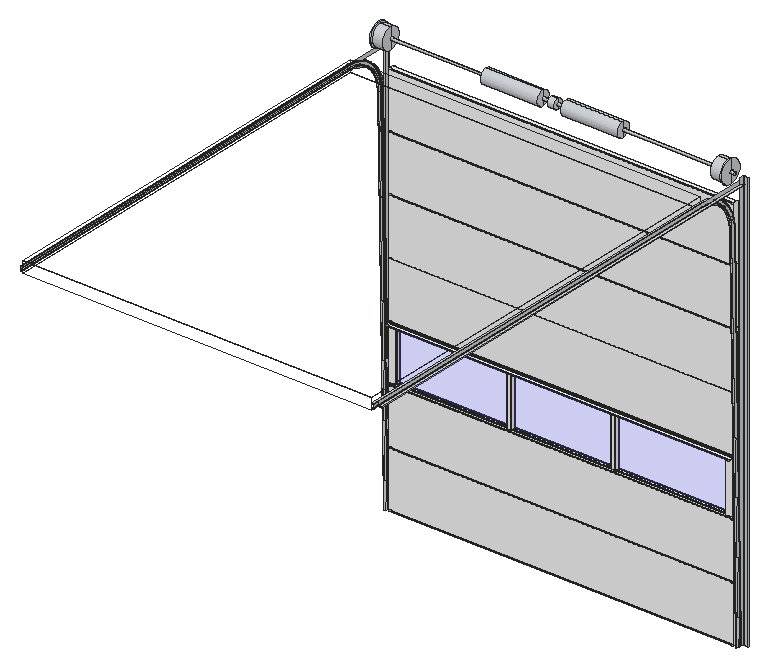
Revit family
Parameters (values of type "By Type")
  Windload = "Doors available rated for various design pressures; consult Clopay for avaialbility and specifications"
  VisSection6 = NumSections = 6  # no
  VisSection5 = NumSections > 4  # yes
  VisSection4 = NumSections > 3  # yes
  VisSection3 = NumSections > 2  # yes
  VisArray = NumSections > 6  # yes
  URL = "www.clopaydoor.com"
  Track Type = Track - Standard Lift : 15" Radius
  Track = "Galvanized steel (gauge varies according to door size)"
  Thickness = 0' - 1 3/8"  # constant formula
  Spec Wizard = "http://www.arcat.com/specwizard/08360clo/index.htm"
  Section Height = Height / NumSections  # 2' - 0"
  Section 5 Glazing = 3200 Section : Solid
  Section 4 Glazing = 3200 Section : Solid
  Section 3 Glazing = Full Vision Section : Intermediate
  Sales Information = "http://www.clopaydoor.com/where-to-buy.aspx?type=dealer"
  Rough Width = 0' - 0"  # constant formula
  Rough Height = 0' - 0"  # constant formula
  Roof Pitch = 0
  R-Value = "6.5"
  Product Features and Benefits = "http://www.clopaydoor.com/insulated-polystyrene-applications.aspx"
  Overlapping Jamb = yes
  Overlap = if(Overlapping Jamb, 0' 1", 0' 0")  # 0' - 1"
  Opening Width = 12' - 0"
  Opening Height = 14' - 0"
  Opener - Jackshaft Right Side = no
  Opener - Trolley = no
  Opener - Jackshaft Left Side = no
  Omniclass Table = "23-30 10 17 37 "
  NumSectionsNotRounded = Height / 2' 0"  # 7
  NumSections = NumSectionsNotRounded + 0.4999  # 7
  NumArraySections = if(NumSections > 6, NumSections - 5, 2)  # 2
  Model = "3150"
  Maximum Size = "Maximum 18' 2'' wide by 16' 0'' high. Additional limitations may apply do to door weight. Consult Clopay for specificiations and shop drawings."  # constant formula
  Manufacturer Website = "http://www.clopaydoor.com"
  Manufacturer Phone Number = "1-800-526-4301"
  Manufacturer Address = "1400 W. Market St., Troy, OH 45373"
  Manufacturer = "Clopay Building Products Company"
  LEED = "http://products.construction.com/swts_content_files/151607/303186.pdf"
  Keynote = "08 36 13"
  Interior Steel = "28 ga. galvanized, primed, and finish painted"
  High Lift = 4' - 0"
  Hardware = "14 ga. min. steel hinges; 10-ball steel rollers"
  GreenFormat = "http://www.greenformat.com/products/1541-Polystyrene-Insulated-Doors"
  Function = (empty or 0)
  Height = Opening Height + Rough Width * 0  # 14' - 0"
  Wall Closure = (empty or 0)
  Width = Opening Width + Rough Width * 0  # 12' - 0"
  FloorToSection7 = 6 * Section Height  # 12' - 0"
  FloorToSection6 = 5 * Section Height  # 10' - 0"
  FloorToSection5 = 4 * Section Height  # 8' - 0"
  FloorToSection4 = 3 * Section Height  # 6' - 0"
  FloorToSection3 = 2 * Section Height  # 4' - 0"
  FloorToSection2 = Section Height  # 2' - 0"
  File Revision = "01 (Aug, 2012)"
  Exterior Steel = "27 ga. galvanized, primed, and finish painted"
  Double Torsion Shaft = no
  Double End Stiles = Door Width > 14' 2"  # no
  Door Width = Opening Width + Overlap * 2  # 12' - 2"
  Door Height = Opening Height + Rough Width * 0  # 14' - 0"
  Description = "1-3/8'' thick polystyrene insulated, stucco embossed 27 gauge steel exterior with light ribbed pattern."
  Core Material = "Expanded polystyrene"
  Copyright = "2010, Clopay Building Products Company, Inc."
  Color = White
  CAD and Specifications = "http://www.clopaydoor.com/insulated-polystyrene-specs.aspx"
  Assembly Code = "B2030410"
Reference planes (in)
  plane 1 "Center (Front/Back)": y = 0
  plane 2 "Center (Left/Right)": x = 0
  plane 3 "Left": x = -72
  plane 4 "Right": x = 72
  plane 5 "Top": z = 168
  plane 6 "Exterior": y = 3
  plane 7 "Interior": y = -3
  plane 8: z = 120
  plane 9: z = 144
Lines and regions (in)
  Opening 1
    outline origin (-90, -3, 0) x (1, 0, 0) y (0, 0, 1)
      loop
        line (18, 0) -> (162, 0) -> (162, 168) -> (18, 168) -> (18, 0)
Text (in)
  text "Exterior" at (-74.96733, 27.31104, 0), in view "Ref. Level"
  text "Interior" at (-74.96733, -25.14366, 0), in view "Ref. Level"
  text "Exterior" at (0, 40.15149, 123.01588), in view "Right"
  text "Interior" at (0, -64.39139, 123.01588), in view "Right"
  text "Interior" at (0, -31.01599, 123.00693), in view "Left"
  text "Exterior" at (0, 54.57065, 123.00693), in view "Left"
Dimensions and locks (in)
  equal spacing: plane 3 "Left", plane 2 "Center (Left/Right)", plane 4 "Right"
  "Height": level to plane 5 "Top"
  "Width": plane 3 "Left" to plane 4 "Right"
  host wall to plane 5 "Top" = 14' - 0"
  nested 2 to plane 7 "Interior" = 0' - 0 1/2"
  "FloorToSection6": plane 8 to level
  "FloorToSection7": plane 9 to level
  group 1 to group 2 = 0' - 0"  (x2)
  group 1 to group 2 = 2' - 0"
  aligned and locked: plane 3 "Left" to Opening 1 sketch curve
  aligned and locked: plane 5 "Top" to Opening 1 sketch curve  (x2)
  aligned and locked: Opening 1 sketch curve to plane 4 "Right"
  aligned and locked: Opening 1 sketch curve to level
  aligned and locked: plane 6 "Exterior" to host wall
  aligned and locked: host wall to plane 7 "Interior"
  aligned and locked: nested 1 to plane 2 "Center (Left/Right)"
  aligned and locked: nested 2 to nested 1
  aligned and locked: plane 2 "Center (Left/Right)" to nested 3
  aligned and locked: plane 2 "Center (Left/Right)" to nested 4
  aligned and locked: plane 2 "Center (Left/Right)" to nested 5
  aligned and locked: nested 6 to nested 1
  aligned and locked: plane 2 "Center (Left/Right)" to nested 7
  aligned and locked: nested 7 to plane 8
  aligned and locked: nested 8 to plane 9
  aligned and locked: plane 2 "Center (Left/Right)" to nested 10
  aligned and locked: plane 7 "Interior" to nested 3
  aligned and locked: plane 7 "Interior" to nested 4
  aligned and locked: plane 7 "Interior" to nested 5  (x2)
  aligned and locked: plane 7 "Interior" to nested 10  (x2)
  aligned and locked: plane 7 "Interior" to nested 8
  aligned and locked: nested 2 to nested 8
  aligned and locked: nested 2 to nested 7
  aligned and locked: host wall to nested 4
Nested families (in)
  nested 1: "Track - Standard Lift" at (0, 0, 0) x (-1, 0, 0) z (0, 0, 1), type <- "Track Type", type "15" Radius"
    with WallToRadiusCenter 1' - 9.33333", VerticalAngleLength 14' - 10", Vertical Track Length 13' - 4", TrackToTrack 12' - 4", Roof Pitch Deg 0.00°, Roof Pitch 0, HorizontalAngleLength -16' - 2.33333", Horizontal Track Length 14' - 6", FloorToTrolleyRail 15' - 8", FloorToShaftCL 15' - 2", FloorToJackShaft 15' - 5", Double Torsion Shaft no, Door Width 12' - 2", Door Height 14' - 0", CenterToLHTrack 6' - 2", HorizontalTrackAngle 90.00°, CenterToRHTrack -6' - 2", CenterToJackShaft 6' - 6"
  nested 2: "3200 Section" at (0, 0, 0), type "Solid"
  nested 3: "3200 Section" at (0, 0, 24), built-in parameter 1001364 <- "Section Height", type "Solid"
  nested 4: "3200 Section" at (0, 0, 120), built-in parameter 1001364 <- "FloorToSection6", visible <- "VisSection6", type "Solid"
  nested 5: "3200 Section" at (0, 0, 96), built-in parameter 1001364 <- "FloorToSection5", type <- "Section 5 Glazing", visible <- "VisSection5", type "Solid"
  nested 6: "3200 Section" at (0, 0, 72), type <- "Section 4 Glazing", built-in parameter 1001364 <- "FloorToSection4", visible <- "VisSection4", type "Solid"
  nested 7: "3200 Section" at (0, 0, 120), visible <- "VisArray", type "Solid"
  nested 8: "3200 Section" at (0, 0, 144), visible <- "VisArray", type "Solid"
  nested 9: "3200 Section" at (0, 4.53003, 370.39685), type "Windows - 24x8", not visible
    with X9 1' - 5 1/2", X8 1' - 5 1/2", X7 1' - 5 1/2", X6 1' - 5 1/2", X5 1' - 5 1/2", X4 1' - 5 1/2", X3 8' - 9 1/2", X2 5' - 1 1/2", NumWindows 3, Half Door Width Neg -6' - 1", Half Door Width 6' - 1", X1 1' - 5 1/2", Door Width 12' - 2"
  nested 10: "Full Vision Section" at (0, 0, 48), built-in parameter 1001364 <- "FloorToSection3", type <- "Section 3 Glazing", type "Intermediate"
    with SingleStileVis no, Rail Width 12' - 1 13/16", NumIntStiles 2, Half Rail Width 6' - 0 29/32", Half Door Width 6' - 1", Glass Width 12' - 0 13/16", Edge to 1st Int Stile 4' - 3", Door Width 12' - 2", ArrayStileVis yes
Definition of nested family "Track - Standard Lift"
  Parameters (values of type "15" Radius")
    WallToRadiusCenter = Door Thickness + 0' 1" + Vertical Track Length * 0' 0 1/4" / 1' 0" + Track Radius  # 1' - 8.83333"
    VerticalAngleLength = Door Height + 0' 10"  # 12' - 10"
    Vertical Track Length = Door Height - 0' 8"  # 11' - 4"
    TrackToTrack = CenterToLHTrack * 2  # 12' - 2"
    Roof Pitch Deg = atan(Roof Pitch / 12)  # 14.0362°
    Roof Pitch = 3
    Operator - Trolley = no
    Operator - Jack Shaft Right = no
    Operator - Jack Shaft Left = no
    HorizontalAngleLength = -(Horizontal Track Length + Track Radius + Vertical Track Length * 0.25 / 12 + 0' 2" - 0' 1" * Roof Pitch)  # -13' - 10.83333"
    Horizontal Track Length = Door Height + 1' 9" - Track Radius  # 12' - 6"
    FloorToTrolleyRail = FloorToShaftCL + 0' 6" - 0' 0 77/256" * Roof Pitch  # 13' - 7 25/256"
    FloorToShaftCL = Door Height + Track Radius - 0' 1"  # 13' - 2"
    FloorToJackShaft = FloorToShaftCL + 0' 3"  # 13' - 5"
    Double Torsion Shaft = yes
    Door Width = 12' - 0"
    Door Thickness = 0' - 2"
    Door Height = 12' - 0"
    CenterToLHTrack = Door Width / 2 + 0' 1" + Roof Pitch * 0' 0"  # 6' - 1"
    Track Radius = if([12" Radius Track], 1' 0", 1' 3")  # 1' - 3"
    HorizontalTrackAngle = 90.00° - Roof Pitch Deg + Roof Pitch * 0.00°  # 75.9638°
    CenterToRHTrack = -CenterToLHTrack  # -6' - 1"
    CenterToJackShaft = Door Width / 2 + 0' 5"  # 6' - 5"
    15" Radius Track = yes
    12" Radius Track = not([15" Radius Track])  # no
  Types (3): name | WallToRadiusCenter | Horizontal Track Length | FloorToTrolleyRail | FloorToShaftCL | FloorToJackShaft | Track Radius | 15" Radius Track | 12" Radius Track
    (no name) | 1' - 8.83333" | 12' - 6" | 13' - 7 25/256" | 13' - 2" | 13' - 5" | 1' - 3" | yes | no
    15" Radius | 1' - 8.83333" | 12' - 6" | 13' - 7 25/256" | 13' - 2" | 13' - 5" | 1' - 3" | yes | no
    12" Radius | 1' - 5.83333" | 12' - 9" | 13' - 4 25/256" | 12' - 11" | 13' - 2" | 1' - 0" | no | yes
  Reference planes (in)
    plane 1: y = 0
    plane 2 "Center (Left/Right)": x = 0
    plane 3 "Wall Edge": y = 3
    plane 4: y = 23.83333
    plane 5: z = 136
    plane 6: x = 73
    plane 7: x = -73
  Forms (in)
    Sweep 1, solid
      path in 3D
        loop
          line (0, 165.71667, 186.93248) -> (0, 20.1953, 150.55214)
          arc (0, 20.1953, 150.55214) -> (0, 12.10704, 145.35382) -> (0, 8.83659, 136.31243) r 15
          line (0, 8.83659, 136.31243) -> (0, 5.99672, 0)
      profile "Track Profile : Track Profile" origin (0, 7.41665, 68.15622) x (0, 0.999783, -0.020829) y (1, 0, 0)
        loop
          line (-2.03223, 73) -> (-1.97364, 73) -> (-1.97364, 73.826)
          arc (-1.97364, 73.826) -> (-1.9457, 73.89346) -> (-1.87823, 73.92141) r 0.09541
          line (-1.87823, 73.92141) -> (-0.65812, 73.92141)
          arc (-0.65812, 73.92141) -> (-0.63212, 73.9187) -> (-0.60723, 73.91071) r 0.12641
          line (-0.60723, 73.91071) -> (-0.20802, 73.73513)
          arc (-0.20802, 73.73513) -> (-0.05845, 73.52266) -> (-0.17676, 73.29133) r 0.25141
          line (-0.17676, 73.29133) -> (-0.46311, 73.1138) -> (-0.43223, 73.064) -> (-0.14589, 73.24153)
          arc (-0.14589, 73.24153) -> (0, 73.52678) -> (-0.18443, 73.78877) r 0.31
          line (-0.18443, 73.78877) -> (-0.58364, 73.96434)
          arc (-0.58364, 73.96434) -> (-0.62007, 73.97604) -> (-0.65812, 73.98) r 0.185
          line (-0.65812, 73.98) -> (-1.87823, 73.98)
          arc (-1.87823, 73.98) -> (-1.98713, 73.93489) -> (-2.03223, 73.826) r 0.154
          line (-2.03223, 73.826) -> (-2.03223, 73)
    Sweep 2, solid
      path in 3D
        loop
          line (0, 165.71667, 186.93248) -> (0, 20.1953, 150.55214)
          arc (0, 20.1953, 150.55214) -> (0, 12.10704, 145.35382) -> (0, 8.83659, 136.31243) r 15
          line (0, 8.83659, 136.31243) -> (0, 5.99672, 0)
      profile "Track Profile : Track Profile" origin (0, 7.41665, 68.15622) x (0, 0.999783, -0.020829) y (1, 0, 0)
        loop
          line (-2.03223, -73) -> (-2.03223, -73.826)
          arc (-2.03223, -73.826) -> (-1.98713, -73.93489) -> (-1.87823, -73.98) r 0.154
          line (-1.87823, -73.98) -> (-0.65812, -73.98)
          arc (-0.65812, -73.98) -> (-0.62007, -73.97604) -> (-0.58364, -73.96434) r 0.185
          line (-0.58364, -73.96434) -> (-0.18443, -73.78877)
          arc (-0.18443, -73.78877) -> (0, -73.52678) -> (-0.14589, -73.24153) r 0.31
          line (-0.14589, -73.24153) -> (-0.43223, -73.064) -> (-0.46311, -73.1138) -> (-0.17676, -73.29133)
          arc (-0.17676, -73.29133) -> (-0.05845, -73.52266) -> (-0.20802, -73.73513) r 0.25141
          line (-0.20802, -73.73513) -> (-0.60723, -73.91071)
          arc (-0.60723, -73.91071) -> (-0.63212, -73.9187) -> (-0.65812, -73.92141) r 0.12641
          line (-0.65812, -73.92141) -> (-1.87823, -73.92141)
          arc (-1.87823, -73.92141) -> (-1.9457, -73.89346) -> (-1.97364, -73.826) r 0.09541
          line (-1.97364, -73.826) -> (-1.97364, -73) -> (-2.03223, -73)
    Extrusion 3, solid, material "Transparent"
      sketch origin (73, 9, 148.94743) x (0, 0, 1) y (0, 1, 0)
        loop
          line (37.01491, 156.95921) -> (0.63457, 11.43783) -> (5.48528, 10.22516) -> (41.86562, 155.74653) -> (37.01491, 156.95921)
      from 0 to 146 <- "TrackToTrack"
    Extrusion 4, solid
      sketch origin (0, 165.71667, 186.93248) x (0, -0.242536, 0.970143) y (1, 0, 0)
        loop
          line (1.87823, 73.98) -> (1.87823, 74.06107) -> (0.47823, 74.06107) -> (0.47823, 75.48) -> (0.37823, 75.48) -> (0.37823, 73.98) -> (1.87823, 73.98)
      from -2 to -166.83333 <- "HorizontalAngleLength"
    Extrusion 5, solid
      sketch origin (0, 165.71667, 186.93248) x (0, -0.242536, 0.970143) y (1, 0, 0)
        loop
          line (1.87823, -73.98) -> (0.37823, -73.98) -> (0.37823, -75.48) -> (0.47823, -75.48) -> (0.47823, -74.08) -> (1.87823, -74.08) -> (1.87823, -73.98)
      from -2 to -166.83333 <- "HorizontalAngleLength"
    Extrusion 6, solid
      sketch origin (0, 0, 0) x (1, 0, 0) y (0, 1, 0)
        loop
          line (-73.98, 4.63) -> (-74.08, 4.63) -> (-74.08, 3.30484)
          arc (-74.08, 3.30484) -> (-74.14, 3.16) -> (-74.28484, 3.1) r 0.20484
          line (-74.28484, 3.1) -> (-76.26, 3.1) -> (-76.26, 3) -> (-74.28584, 3)
          arc (-74.28584, 3) -> (-74.06958, 3.08958) -> (-73.98, 3.30584) r 0.30584
          line (-73.98, 3.30584) -> (-73.98, 4.63)
        loop
          line (73.98, 4.63) -> (73.98, 3.30584)
          arc (73.98, 3.30584) -> (74.06958, 3.08958) -> (74.28584, 3) r 0.30584
          line (74.28584, 3) -> (76.26, 3) -> (76.26, 3.1) -> (74.28484, 3.1)
          arc (74.28484, 3.1) -> (74.14, 3.16) -> (74.08, 3.30484) r 0.20484
          line (74.08, 3.30484) -> (74.08, 4.63) -> (73.98, 4.63)
      from 0 to 154 <- "VerticalAngleLength"
    Extrusion 7, solid, visible <- "Operator - Jack Shaft Left"
      sketch origin (-60, 3, 0) x (-1, 0, 0) y (0, 0, 1)
        loop
          line (-149, 161) -> (-149, 137) -> (-137, 137) -> (-137, 161) -> (-149, 161)
      from 0 to 12
    Extrusion 8, solid, visible <- "Operator - Jack Shaft Right"
      sketch origin (-60, 3, 0) x (-1, 0, 0) y (0, 0, 1)
        loop
          line (17, 161) -> (17, 137) -> (29, 137) -> (29, 161) -> (17, 161)
      from 0 to 12
    Extrusion 9, solid, visible <- "Operator - Trolley"
      sketch origin (0, 0, 0) x (0, 1, 0) y (0, 0, 1)
        loop
          line (3.39876, 161.11455) -> (164.09305, 193.42697) -> (163.69429, 195.41008) -> (3, 163.09766) -> (3.39876, 161.11455)
      from -1 to 1
    Extrusion 10, solid, visible <- "Operator - Trolley"
      sketch origin (0, 0, 0) x (0, 1, 0) y (0, 0, 1)
        loop
          line (165.95921, 185.96234) -> (189.24263, 191.78319) -> (186.81727, 201.48462) -> (163.53385, 195.66376) -> (165.95921, 185.96234)
      from -12 to 12
  Lines and regions (in)
    reference lines, not visible
      curve 1: line (0, 23.83333, 136) -> (0, 20.1953, 150.55214)
      curve 2: line (0, 23.83333, 136) -> (0, 8.83659, 136.31243)
      curve 3: line (0, 20.1953, 150.55214) -> (0, 165.71667, 186.93248)
      curve 4: line (0, 8.83659, 136.31243) -> (0, 5.99672, 0)
      curve 5: arc (0, 20.1953, 150.55214) -> (0, 12.10704, 145.35382) -> (0, 8.83659, 136.31243) r 15
    sketch lines
      curve 6: line (0, 8.83659, 136.31243) -> (0, 5.99672, 0)
      curve 7: arc (0, 20.1953, 150.55214) -> (0, 12.10704, 145.35382) -> (0, 8.83659, 136.31243) r 15
      curve 8: line (0, 20.1953, 150.55214) -> (0, 165.71667, 186.93248)
      curve 9: line (0, 8.83659, 136.31243) -> (0, 5.99672, 0)
      curve 10: arc (0, 20.1953, 150.55214) -> (0, 12.10704, 145.35382) -> (0, 8.83659, 136.31243) r 15
      curve 11: line (0, 20.1953, 150.55214) -> (0, 165.71667, 186.93248)
  Text (in)
    text "Placement Side" at (0, 40.15149, 123.01588), in view "Right"
    text "Placement Side" at (-70.3804, 28.46503, 0), in view "Ref. Level"
    text "Placement Side" at (0, 81.62555, 140.59947), in view "Left"
  Dimensions and locks (in)
    locked: plane 3 "Wall Edge" to host wall
    "WallToRadiusCenter": plane 3 "Wall Edge" to plane 4
    "Vertical Track Length": plane 5 to level
    "Track Radius": curve 1 to curve 1
    "Track Radius": curve 2 to curve 2
    "CenterToLHTrack": plane 6 to plane 2 "Center (Left/Right)"
    "CenterToLHTrack": plane 2 "Center (Left/Right)" to plane 7
    "Horizontal Track Length": curve 5 to curve 3
    locked: curve 3 to Extrusion 3 sketch curve at 4
    locked: Extrusion 3 sketch curve to curve 3 at 1
    locked: Extrusion 4 sketch curve to Extrusion 4 sketch curve at 1.5  (x2)
    locked: Extrusion 4 sketch curve to Extrusion 4 sketch curve at 0.1
    locked: Sweep 1 to Extrusion 4 sketch curve at 0.08107
    locked: Extrusion 5 sketch curve to Extrusion 5 sketch curve at 0.1
    locked: Extrusion 5 sketch curve to Sweep 2 at 0.1
    locked: Extrusion 5 sketch curve to Extrusion 5 sketch curve at 1.5
    locked: Extrusion 5 sketch curve to Sweep 2 at 1.5
    locked: Extrusion 6 sketch curve to Extrusion 6 sketch curve at 0.1  (x4)
    locked: Extrusion 6 sketch curve to Extrusion 6 sketch curve at 2.28  (x2)
    Extrusion 6 sketch curve to Extrusion 6 sketch curve = 0' - 1.63"
    locked: Extrusion 6 sketch curve to Extrusion 6 sketch curve at 1.63  (x2)
    locked: host wall to nested 1 at 6
    locked: Extrusion 7 sketch curve to Extrusion 7 sketch curve at 12
    locked: Extrusion 7 sketch curve to Extrusion 7 sketch curve at 24
    "FloorToJackShaft": level to Extrusion 7 sketch curve
    "CenterToJackShaft": Extrusion 7 sketch curve to curve 4
    locked: Extrusion 8 sketch curve to Extrusion 8 sketch curve at 24
    locked: Extrusion 8 sketch curve to Extrusion 8 sketch curve at 12
    "CenterToJackShaft": curve 4 to Extrusion 8 sketch curve
    "FloorToShaftCL": nested 1 to level
    locked: Extrusion 9 sketch curve to Extrusion 9 sketch curve at 2.0228
    locked: Extrusion 9 sketch curve to Extrusion 3 at 2.69437
    "FloorToTrolleyRail": Extrusion 9 sketch curve to level
    locked: Extrusion 10 sketch curve to Extrusion 10 sketch curve at 10
    locked: Extrusion 10 sketch curve to Extrusion 10 sketch curve at 24
    "Track Radius": radius of curve 5
    radius of Extrusion 6 sketch curve = 0' - 0.30584"
    radius of Extrusion 6 sketch curve = 0' - 0.20484"
    "HorizontalTrackAngle": angle curve 1 to plane 5
    locked: curve 2 to plane 5 (angle 1.1935°)
    locked: curve 1 to curve 3 (angle 90.00°)
    locked: curve 4 to curve 2 (angle 90.00°)
    angle Extrusion 9 sketch curve to Extrusion 9 sketch curve = 90.00°  (x2)
    aligned and locked: plane 5 to curve 2
    aligned and locked: plane 4 to curve 2
    aligned and locked: level to curve 4
    aligned and locked: Extrusion 3 sketch curve to curve 3
    aligned and locked: Extrusion 3 sketch curve to curve 1
    aligned and locked: Extrusion 4 sketch curve to Sweep 1
    aligned and locked: Extrusion 5 sketch curve to Sweep 2
    aligned and locked: Extrusion 4 to Extrusion 5 sketch curve
    aligned and locked: Sweep 2 to Extrusion 6 sketch curve
    aligned and locked: Extrusion 6 sketch curve to Sweep 1
    aligned and locked: Extrusion 6 sketch curve to host wall
    aligned and locked: nested 1 to curve 4
    aligned and locked: Extrusion 7 to Extrusion 8 sketch curve
    aligned and locked: Extrusion 3 to Extrusion 9 sketch curve
    aligned and locked: host wall to Extrusion 9 sketch curve
    aligned and locked: Extrusion 10 sketch curve to Extrusion 3  (x2)
  Automatic sketch dimensions
    Sweep 1 to Extrusion 4 sketch curve = 0' - 1.59541"
    Extrusion 6 sketch curve to host wall = 0' - 0"
    Extrusion 6 sketch curve to Extrusion 6 sketch curve = 0' - 0.20484"
    Extrusion 6 sketch curve to Extrusion 6 sketch curve = 0' - 0.00101"
  Nested families (in)
    nested 1: "Torsion Assembly - Standard Lift" at (0, 9, 94.84779), type "Torsion Assembly - High Lift"
  Definition of nested family "Torsion Assembly - Standard Lift"
    Parameters (values of type "Torsion Assembly - Standard Lift")
      Spring Length = if(Door Width < 6' 0", 1' 0", 2' 0")  # 2' - 0"
      HalfShaft2Length = HalfShaftLength + 1' 0"  # 7' - 3 1/2"
      Double Torsion Shaft = no
      Door Width = 12' - 0"
      HalfShaftLength = (Door Width + 0' 7") / 2  # 6' - 3 1/2"
      Assembly Code = ""
    Types (2): name | Double Torsion Shaft
      Torsion Assembly - Standard Lift | no
      Torsion Assembly - High Lift | yes
    Reference planes (in)
      plane 1 "Center (Front/Back)": y = 0
      plane 2: z = 63.15221
      plane 3 "Center (Left/Right)": x = 0
      plane 4: z = 75.15221
      plane 5: z = 63.15221
    Forms (in)
      Revolve 1, solid
        sketch origin (0, 0, 0) x (1, 0, 0) y (0, 0, 1)
          loop
            line (5, 63.65221) -> (1.38578, 63.65221) -> (1.38578, 65.15221) -> (-1.36422, 65.15221) -> (-1.36422, 63.65221) -> (-5, 63.65221) -> (-5, 66.15221) -> (-29, 66.15221) -> (-29, 63.65221) -> (-68.5, 63.65221) -> (-68.5, 67.45823) -> (-73, 67.45823) -> (-73, 67.95823) -> (-73.5, 67.95823) -> (-73.5, 63.65221) -> (-75.5, 63.65221) -> (-75.5, 63.15221) -> (-73.5, 63.15221) -> (73.5, 63.15221) -> (75.5, 63.15221) -> (75.5, 63.65221) -> (73.5, 63.65221) -> (73.5, 67.95823) -> (73, 67.95823) -> (73, 67.45823) -> (68.5, 67.45823) -> (68.5, 63.65221) -> (29, 63.65221) -> (29, 66.15221) -> (5, 66.15221) -> (5, 63.65221)
          axis (-75.5, 63.15221) -> (75.5, 63.15221)
        angle from 0 to 360
      Revolve 2, solid, visible <- "Double Torsion Shaft"
        sketch origin (0, 0, 12) x (1, 0, 0) y (0, 0, 1)
          loop
            line (5, 63.65221) -> (1.38578, 63.65221) -> (1.38578, 65.15221) -> (-1.36422, 65.15221) -> (-1.36422, 63.65221) -> (-5, 63.65221) -> (-5, 66.15221) -> (-29, 66.15221) -> (-29, 63.65221) -> (-74.5, 63.65221) -> (-74.5, 67.45823) -> (-79, 67.45823) -> (-79, 67.95823) -> (-79.5, 67.95823) -> (-79.5, 63.65221) -> (-87.5, 63.65221) -> (-87.5, 63.15221) -> (-79.5, 63.15221) -> (79.5, 63.15221) -> (87.5, 63.15221) -> (87.5, 63.65221) -> (79.5, 63.65221) -> (79.5, 67.95823) -> (79, 67.95823) -> (79, 67.45823) -> (74.5, 67.45823) -> (74.5, 63.65221) -> (29, 63.65221) -> (29, 66.15221) -> (5, 66.15221) -> (5, 63.65221)
          axis (-87.5, 63.15221) -> (87.5, 63.15221)
        angle from 0 to 360
    Dimensions and locks (in)
      locked: Revolve 1 sketch curve to Revolve 1 sketch curve at 0.5  (x4)
      locked: Revolve 1 sketch curve to Revolve 1 sketch curve at 4.80602
      locked: Revolve 1 sketch curve to Revolve 1 sketch curve at 2.75
      locked: Revolve 1 sketch curve to plane 3 "Center (Left/Right)" at 1.38578
      locked: Revolve 1 sketch curve to Revolve 1 sketch curve at 3
      locked: Revolve 1 sketch curve to Revolve 1 sketch curve at 2  (x3)
      locked: Revolve 1 sketch curve to plane 3 "Center (Left/Right)" at 5
      "Spring Length": Revolve 1 sketch curve to Revolve 1 sketch curve  (x2)
      locked: plane 3 "Center (Left/Right)" to Revolve 1 sketch curve at 5
      locked: Revolve 1 sketch curve to Revolve 1 sketch curve at 5  (x2)
      "HalfShaftLength": Revolve 1 sketch curve to plane 3 "Center (Left/Right)"
      "HalfShaftLength": plane 3 "Center (Left/Right)" to Revolve 1 sketch curve
      locked: Revolve 2 sketch curve to Revolve 2 sketch curve at 0.5  (x4)
      locked: Revolve 2 sketch curve to Revolve 2 sketch curve at 4.80602
      locked: Revolve 2 sketch curve to Revolve 2 sketch curve at 2.75
      locked: Revolve 2 sketch curve to Revolve 2 sketch curve at 3
      locked: Revolve 2 sketch curve to Revolve 2 sketch curve at 2
      "Spring Length": Revolve 2 sketch curve to Revolve 2 sketch curve  (x2)
      locked: Revolve 2 sketch curve to Revolve 2 sketch curve at 5  (x2)
      locked: Revolve 2 sketch curve to Revolve 2 sketch curve at 8  (x2)
      locked: Revolve 2 to plane 4 at 0.5
      locked: plane 4 to level at 12
      "HalfShaft2Length": plane 3 "Center (Left/Right)" to Revolve 2 sketch curve
      "HalfShaft2Length": Revolve 2 sketch curve to plane 3 "Center (Left/Right)"
      locked: plane 3 "Center (Left/Right)" to Revolve 2 sketch curve at 5
      locked: Revolve 2 sketch curve to plane 3 "Center (Left/Right)" at 5
      aligned and locked: plane 2 to level
      aligned and locked: plane 5 to level
    Automatic sketch dimensions
      Revolve 1 sketch curve to level = 0' - 0"  (x2)
      Revolve 1 sketch curve to Revolve 1 sketch curve = 0' - 0"  (x2)
      Revolve 1 sketch curve to Revolve 1 sketch curve = 0' - 11.98222"
      Revolve 1 sketch curve to Revolve 1 sketch curve = 0' - 11.01778"
      level to Revolve 1 sketch curve = 0' - 0 1/2"  (x4)
      Revolve 1 sketch curve to Revolve 1 sketch curve = 0' - 0 1/2"  (x2)
      Revolve 1 sketch curve to Revolve 1 sketch curve = 0' - 2 1/2"
      Revolve 1 sketch curve to Revolve 1 sketch curve = 0' - 3.80602"
      level to Revolve 2 sketch curve = 1' - 0 1/2"  (x2)
      Revolve 2 sketch curve to Revolve 2 sketch curve = 0' - 0"  (x2)
      Revolve 2 sketch curve to Revolve 2 sketch curve = 0' - 11.98222"
      Revolve 2 sketch curve to plane 3 "Center (Left/Right)" = 0' - 1.36422"
      Revolve 2 sketch curve to Revolve 2 sketch curve = 0' - 11.01778"
      level to Revolve 2 sketch curve = 1' - 0"
      Revolve 2 sketch curve to Revolve 2 sketch curve = 0' - 1 1/2"
      Revolve 2 sketch curve to Revolve 2 sketch curve = 0' - 0 1/2"  (x3)
      Revolve 2 sketch curve to Revolve 2 sketch curve = 0' - 2 1/2"  (x2)
      Revolve 2 sketch curve to Revolve 2 sketch curve = 0' - 3.80602"
Definition of nested family "3200 Section"
  Parameters (values of type "Windows - 24x12")
    X9 = if(if(NumArrayedWindows < NumWindows, NumArrayedWindows + 1, NumWindows) < 9, X1, X8 + WindowSpacing)  # 0' - 7 1/2"
    X8 = if(if(NumArrayedWindows < NumWindows, NumArrayedWindows + 1, NumWindows) < 8, X1, X7 + WindowSpacing)  # 0' - 7 1/2"
    X7 = if(if(NumArrayedWindows < NumWindows, NumArrayedWindows + 1, NumWindows) < 7, X1, X6 + WindowSpacing)  # 0' - 7 1/2"
    X6 = if(if(NumArrayedWindows < NumWindows, NumArrayedWindows + 1, NumWindows) < 6, X1, X5 + WindowSpacing)  # 0' - 7 1/2"
    X5 = if(if(NumArrayedWindows < NumWindows, NumArrayedWindows + 1, NumWindows) < 5, X1, X4 + WindowSpacing)  # 0' - 7 1/2"
    X4 = if(if(NumArrayedWindows < NumWindows, NumArrayedWindows + 1, NumWindows) < 4, X1, X3 + WindowSpacing)  # 11' - 7 1/2"
    X3 = if(or(NumWindows < 3, SingleWindowVis), X1, X2 + WindowSpacing)  # 7' - 11 1/2"
    X2 = if(NumWindows < 2, ((Door Width - (NumWindows - 1) * WindowSpacing) / 2 - Cutout Width / 2), ((Door Width - (NumWindows - 1) * WindowSpacing) / 2 - Cutout Width / 2) + WindowSpacing)  # 4' - 3 1/2"
    Windows (2) = 3200 Window : 24x12
    Windows = 3200 Window Array : 24x12
    WindowSpacing = if(and(Door Width < 10' 0", Door Width > 9' 2"), 3' 4", 3' 8")  # 3' - 8"
    WindowArrayVis = and(or(and(Window Type Index = 4, Door Width > 7' 6", Door Width < 16' 3"), Window Type Index = 3, Window Type Index = 2), not(SingleWindowVis))  # yes
    WindowCutDepth = if(or(Window Type Index = 1, and(Door Width < 7' 8", Window Type Index = 4), and(Window Type Index = 4, Door Width > 16' 2")), -0' 0 13/128", 0' 2")  # 0' - 2"
    Window Type Index = 3
    SingleWindowVis = and(X2 = X1, NumWindows = 3, Window Type Index = 4)  # no
    Section Height = 2' - 0"
    RibSpacing = Section Height / (NumRibs + 1)  # 0' - 4"
    NumWindows = if(Door Width < 9' 4", 2, if(Door Width < 13' 4", 3, if(Door Width < 16' 4", 4, if(Door Width < 20' 4", 5, if(Door Width < 24' 4", 6, if(Door Width < 26' 4", 7, if(Door Width < 31' 8", 8, 10)))))))  # 4
    NumRibs = if(Section Height < 1' 9", 3, if(Section Height < 2' 0", 4, 5))  # 5
    NumArrayedWindows = if(X2 = X1, if(NumWindows < 4, 2, NumWindows - 2), NumWindows)  # 4
    Half Section Height = Section Height / 2  # 1' - 0"
    Half Door Width Neg = -Half Door Width  # -7' - 1"
    Half Door Width = Door Width / 2  # 7' - 1"
    Half Cutout Height = Cutout Height / 2  # 0' - 5 1/2"
    Function = (empty or 0)
    Height = 0' - 0"
    Wall Closure = (empty or 0)
    Width = 0' - 0"
    X1 = if(if(Window Type Index = 4, if(or(and(Door Width < 11' 0", Door Width > 9' 2"), and(Door Width < 15' 3", Door Width > 13' 2")), X2, (Door Width - (NumWindows - 1) * WindowSpacing) / 2 - Cutout Width / 2), if(or(and(Door Width > 16' 2", Door Width < 16' 7")), X2, (Door Width - (NumWindows - 1) * WindowSpacing) / 2 - Cutout Width / 2)) < 0' 1", 0' 1", if(Window Type Index = 4, if(or(and(Door Width < 11' 0", Door Width > 9' 2"), and(Door Width < 15' 3", Door Width > 13' 2")), X2, (Door Width - (NumWindows - 1) * WindowSpacing) / 2 - Cutout Width / 2), if(or(and(Door Width > 16' 2", Door Width < 16' 7")), X2, (Door Width - (NumWindows - 1) * WindowSpacing) / 2 - Cutout Width / 2)))  # 0' - 7 1/2"
    Door Width = 14' - 2"
    CutoutToCutout = 1' - 0"
    Cutout Width = if(Window Type Index = 4, 3' 2", 1' 11")  # 1' - 11"
    Cutout Height = if(Window Type Index = 4, 1' 0", if(Window Type Index = 3, 0' 11", 0' 7"))  # 0' - 11"
    Color = White
    BtmTo1stRib = RibSpacing  # 0' - 4"
    Assembly Code = ""
  Types (3): name | X9 | X8 | X7 | X6 | X5 | X4 | X3 | X2 | Windows (2) | Windows | WindowArrayVis | WindowCutDepth | Window Type Index | NumWindows | NumArrayedWindows | Half Door Width Neg | Half Door Width | Half Cutout Height | X1 | Door Width | Cutout Height
    Windows - 24x12 | 0' - 7 1/2" | 0' - 7 1/2" | 0' - 7 1/2" | 0' - 7 1/2" | 0' - 7 1/2" | 11' - 7 1/2" | 7' - 11 1/2" | 4' - 3 1/2" | 3200 Window : 24x12 | 3200 Window Array : 24x12 | yes | 0' - 2" | 3 | 4 | 4 | -7' - 1" | 7' - 1" | 0' - 5 1/2" | 0' - 7 1/2" | 14' - 2" | 0' - 11"
    Windows - 24x8 | 3' - 6 1/2" | 3' - 6 1/2" | 3' - 6 1/2" | 3' - 6 1/2" | 3' - 6 1/2" | 10' - 10 1/2" | 7' - 2 1/2" | 3' - 6 1/2" | 3200 Window : 24x8 | 3200 Window Array : 24x8 | yes | 0' - 2" | 2 | 5 | 3 | -8' - 2" | 8' - 2" | 0' - 3 1/2" | 3' - 6 1/2" | 16' - 4" | 0' - 7"
    Solid | 1' - 5 1/2" | 1' - 5 1/2" | 1' - 5 1/2" | 1' - 5 1/2" | 1' - 5 1/2" | 1' - 5 1/2" | 8' - 9 1/2" | 5' - 1 1/2" | 3200 Window : 24x8 | 3200 Window : 24x8 | no | -0' - 0 13/128" | 1 | 3 | 3 | -6' - 1" | 6' - 1" | 0' - 3 1/2" | 1' - 5 1/2" | 12' - 2" | 0' - 7"
  Reference planes (in)
    plane 1 "Center (Front/Back)": y = 0
    plane 2 "Center (Left/Right)": x = 0
    plane 3 "Exterior": y = 3
    plane 4 "Interior": y = -3
    plane 5: y = -3.5
    plane 6: x = 85
    plane 7: x = -85
    plane 8: z = 4
    plane 9: z = 8
    plane 10: z = 24
    plane 11: z = 12
    plane 12: z = 0
  Forms (in)
    Extrusion 1, solid, material "White" <- "Color"
      sketch origin (-85, -12, 83.08252) x (0, 0, 1) y (0, -1, 0)
        loop
          line (-59.08252, -8.37573) -> (-59.08252, -6.62444)
          arc (-59.08252, -6.62444) -> (-59.11897, -6.53645) -> (-59.20696, -6.5) r 0.12444
          line (-59.20696, -6.5) -> (-82.95809, -6.5)
          arc (-82.95809, -6.5) -> (-83.04608, -6.53645) -> (-83.08252, -6.62444) r 0.12444
          line (-83.08252, -6.62444) -> (-83.08252, -8.37573)
          arc (-83.08252, -8.37573) -> (-83.04612, -8.4636) -> (-82.95825, -8.5) r 0.12427
          line (-82.95825, -8.5) -> (-59.20679, -8.5)
          arc (-59.20679, -8.5) -> (-59.11892, -8.4636) -> (-59.08252, -8.37573) r 0.12427
      from 0 to 170 <- "Door Width"
    Extrusion 2, void
      sketch origin (-98.15385, -3.5, 48) x (1, 0, 0) y (0, 0, 1)
        loop
          line (175.65385, -30.5) -> (152.65385, -30.5) -> (152.65385, -36) -> (175.65385, -36) -> (175.65385, -30.5)
      from 0 to 2 <- "WindowCutDepth"
    Extrusion 3, void
      sketch origin (-98.15385, -3.5, -24) x (1, 0, 0) y (0, 0, 1)
        loop
          line (175.65385, 30.5) -> (175.65385, 36) -> (152.65385, 36) -> (152.65385, 30.5) -> (175.65385, 30.5)
      from 0 to 2 <- "WindowCutDepth"
    Extrusion 4, void
      sketch origin (-136.15385, -3.5, 48) x (1, 0, 0) y (0, 0, 1)
        loop
          line (169.65385, -30.5) -> (146.65385, -30.5) -> (146.65385, -36) -> (169.65385, -36) -> (169.65385, -30.5)
      from 0 to 2 <- "WindowCutDepth"
    Extrusion 5, void
      sketch origin (-136.15385, -3.5, -24) x (1, 0, 0) y (0, 0, 1)
        loop
          line (169.65385, 30.5) -> (169.65385, 36) -> (146.65385, 36) -> (146.65385, 30.5) -> (169.65385, 30.5)
      from 0 to 2 <- "WindowCutDepth"
    Extrusion 6, void
      sketch origin (-171.15385, -3.5, 48) x (1, 0, 0) y (0, 0, 1)
        loop
          line (160.65385, -30.5) -> (137.65385, -30.5) -> (137.65385, -36) -> (160.65385, -36) -> (160.65385, -30.5)
      from 0 to 2 <- "WindowCutDepth"
    Extrusion 7, void
      sketch origin (-171.15385, -3.5, -24) x (1, 0, 0) y (0, 0, 1)
        loop
          line (160.65385, 30.5) -> (160.65385, 36) -> (137.65385, 36) -> (137.65385, 30.5) -> (160.65385, 30.5)
      from 0 to 2 <- "WindowCutDepth"
    Extrusion 8, void
      sketch origin (-214.15385, -3.5, 48) x (1, 0, 0) y (0, 0, 1)
        loop
          line (159.65385, -30.5) -> (136.65385, -30.5) -> (136.65385, -36) -> (159.65385, -36) -> (159.65385, -30.5)
      from 0 to 2 <- "WindowCutDepth"
    Extrusion 9, void
      sketch origin (-214.15385, -3.5, -24) x (1, 0, 0) y (0, 0, 1)
        loop
          line (159.65385, 30.5) -> (159.65385, 36) -> (136.65385, 36) -> (136.65385, 30.5) -> (159.65385, 30.5)
      from 0 to 2 <- "WindowCutDepth"
    Extrusion 10, void
      sketch origin (-256.15385, -3.5, 48) x (1, 0, 0) y (0, 0, 1)
        loop
          line (333.65385, -30.5) -> (310.65385, -30.5) -> (310.65385, -36) -> (333.65385, -36) -> (333.65385, -30.5)
      from 0 to 2 <- "WindowCutDepth"
    Extrusion 11, void
      sketch origin (-256.15385, -3.5, -24) x (1, 0, 0) y (0, 0, 1)
        loop
          line (333.65385, 30.5) -> (333.65385, 36) -> (310.65385, 36) -> (310.65385, 30.5) -> (333.65385, 30.5)
      from 0 to 2 <- "WindowCutDepth"
    Extrusion 12, void
      sketch origin (-294.15385, -3.5, 48) x (1, 0, 0) y (0, 0, 1)
        loop
          line (371.65385, -30.5) -> (348.65385, -30.5) -> (348.65385, -36) -> (371.65385, -36) -> (371.65385, -30.5)
      from 0 to 2 <- "WindowCutDepth"
    Extrusion 13, void
      sketch origin (-294.15385, -3.5, -24) x (1, 0, 0) y (0, 0, 1)
        loop
          line (371.65385, 30.5) -> (371.65385, 36) -> (348.65385, 36) -> (348.65385, 30.5) -> (371.65385, 30.5)
      from 0 to 2 <- "WindowCutDepth"
    Extrusion 14, void
      sketch origin (-331.15385, -3.5, 48) x (1, 0, 0) y (0, 0, 1)
        loop
          line (408.65385, -30.5) -> (385.65385, -30.5) -> (385.65385, -36) -> (408.65385, -36) -> (408.65385, -30.5)
      from 0 to 2 <- "WindowCutDepth"
    Extrusion 15, void
      sketch origin (-331.15385, -3.5, -24) x (1, 0, 0) y (0, 0, 1)
        loop
          line (408.65385, 30.5) -> (408.65385, 36) -> (385.65385, 36) -> (385.65385, 30.5) -> (408.65385, 30.5)
      from 0 to 2 <- "WindowCutDepth"
    Extrusion 16, void
      sketch origin (-368.15385, -3.5, 48) x (1, 0, 0) y (0, 0, 1)
        loop
          line (445.65385, -30.5) -> (422.65385, -30.5) -> (422.65385, -36) -> (445.65385, -36) -> (445.65385, -30.5)
      from 0 to 2 <- "WindowCutDepth"
    Extrusion 17, void
      sketch origin (-368.15385, -3.5, -24) x (1, 0, 0) y (0, 0, 1)
        loop
          line (445.65385, 30.5) -> (445.65385, 36) -> (422.65385, 36) -> (422.65385, 30.5) -> (445.65385, 30.5)
      from 0 to 2 <- "WindowCutDepth"
    Extrusion 18, void
      sketch origin (-407.15385, -3.5, 48) x (1, 0, 0) y (0, 0, 1)
        loop
          line (484.65385, -30.5) -> (461.65385, -30.5) -> (461.65385, -36) -> (484.65385, -36) -> (484.65385, -30.5)
      from 0 to 2 <- "WindowCutDepth"
    Extrusion 19, void
      sketch origin (-407.15385, -3.5, -24) x (1, 0, 0) y (0, 0, 1)
        loop
          line (484.65385, 30.5) -> (484.65385, 36) -> (461.65385, 36) -> (461.65385, 30.5) -> (484.65385, 30.5)
      from 0 to 2 <- "WindowCutDepth"
    Extrusion 20, void
      sketch origin (0, -8.99984, -0.5) x (0, 1, 0) y (0, 0, -1)
        loop
          line (5.49984, -4.62727) -> (5.49984, -4.37273) -> (5.46952, -4.41942)
          arc (5.46952, -4.41942) -> (5.46231, -4.43506) -> (5.45984, -4.4521) r 0.06
          line (5.45984, -4.4521) -> (5.45984, -4.5479)
          arc (5.45984, -4.5479) -> (5.46231, -4.56494) -> (5.46952, -4.58058) r 0.06
          line (5.46952, -4.58058) -> (5.49984, -4.62727)
      from -85 <- "Half Door Width Neg" to 170 <- "Door Width"
    Extrusion 21, void
      sketch origin (0, -8.99984, 3.5) x (0, 1, 0) y (0, 0, -1)
        loop
          line (5.49984, -4.62727) -> (5.49984, -4.37273) -> (5.46952, -4.41942)
          arc (5.46952, -4.41942) -> (5.46231, -4.43506) -> (5.45984, -4.4521) r 0.06
          line (5.45984, -4.4521) -> (5.45984, -4.5479)
          arc (5.45984, -4.5479) -> (5.46231, -4.56494) -> (5.46952, -4.58058) r 0.06
          line (5.46952, -4.58058) -> (5.49984, -4.62727)
      from -85 <- "Half Door Width Neg" to 170 <- "Door Width"
    Extrusion 22, void
      sketch origin (0, -8.99984, 7.5) x (0, 1, 0) y (0, 0, -1)
        loop
          line (5.49984, -4.62727) -> (5.49984, -4.37273) -> (5.46952, -4.41942)
          arc (5.46952, -4.41942) -> (5.46231, -4.43506) -> (5.45984, -4.4521) r 0.06
          line (5.45984, -4.4521) -> (5.45984, -4.5479)
          arc (5.45984, -4.5479) -> (5.46231, -4.56494) -> (5.46952, -4.58058) r 0.06
          line (5.46952, -4.58058) -> (5.49984, -4.62727)
      from -85 <- "Half Door Width Neg" to 170 <- "Door Width"
    Extrusion 23, void
      sketch origin (0, -8.99984, 11.5) x (0, 1, 0) y (0, 0, -1)
        loop
          line (5.49984, -4.62727) -> (5.49984, -4.37273) -> (5.46952, -4.41942)
          arc (5.46952, -4.41942) -> (5.46231, -4.43506) -> (5.45984, -4.4521) r 0.06
          line (5.45984, -4.4521) -> (5.45984, -4.5479)
          arc (5.45984, -4.5479) -> (5.46231, -4.56494) -> (5.46952, -4.58058) r 0.06
          line (5.46952, -4.58058) -> (5.49984, -4.62727)
      from -85 <- "Half Door Width Neg" to 170 <- "Door Width"
    Extrusion 24, void
      sketch origin (0, -8.99984, 15.5) x (0, 1, 0) y (0, 0, -1)
        loop
          line (5.49984, -4.62727) -> (5.49984, -4.37273) -> (5.46952, -4.41942)
          arc (5.46952, -4.41942) -> (5.46231, -4.43506) -> (5.45984, -4.4521) r 0.06
          line (5.45984, -4.4521) -> (5.45984, -4.5479)
          arc (5.45984, -4.5479) -> (5.46231, -4.56494) -> (5.46952, -4.58058) r 0.06
          line (5.46952, -4.58058) -> (5.49984, -4.62727)
      from -85 <- "Half Door Width Neg" to 170 <- "Door Width"
  Cuts and joins
    Extrusion 2, Extrusion 3, Extrusion 4, Extrusion 5, Extrusion 6, Extrusion 7, Extrusion 8, Extrusion 9, Extrusion 10, Extrusion 11, Extrusion 12, Extrusion 13, Extrusion 14, Extrusion 15, Extrusion 16, Extrusion 17, Extrusion 18, Extrusion 19, Extrusion 20, Extrusion 21, Extrusion 22, Extrusion 23, Extrusion 24 cuts Extrusion 1
  Lines and regions (in)
    reference lines
      curve 1: line (-72, -3.54, 4) -> (-72, -3.5, 4)
      curve 2: line (-72, -3.54, 8) -> (-72, -3.5, 8)
      curve 3: line (-72, -3.54, 12) -> (-72, -3.5, 12)
      curve 4: line (-72, -3.54, 16) -> (-72, -3.5, 16)
      curve 5: line (-72, -3.54, 20) -> (-72, -3.5, 20)
  Text (in)
    text "Exterior" at (-74.96733, 27.31104, 0), in view "Ref. Level"
    text "Interior" at (-74.96733, -25.14366, 0), in view "Ref. Level"
    text "Exterior" at (0, 40.15149, 123.01588), in view "Right"
    text "Interior" at (0, -64.39139, 123.01588), in view "Right"
    text "Interior" at (0, -31.01599, 123.00693), in view "Left"
    text "Exterior" at (0, 54.57065, 123.00693), in view "Left"
  Dimensions and locks (in)
    plane 4 "Interior" to plane 5 = 0' - 0 1/2"
    "Half Door Width": plane 2 "Center (Left/Right)" to plane 7
    "Half Door Width": plane 6 to plane 2 "Center (Left/Right)"
    Extrusion 1 sketch curve to Extrusion 1 sketch curve = 0' - 2"
    "BtmTo1stRib": plane 8 to level
    "RibSpacing": plane 9 to plane 8
    "Section Height": plane 10 to level
    "Half Section Height": level to plane 11
    "Cutout Width": Extrusion 2 sketch curve to Extrusion 2 sketch curve
    "Half Cutout Height": Extrusion 2 sketch curve to Extrusion 2 sketch curve
    "Cutout Width": Extrusion 3 sketch curve to Extrusion 3 sketch curve
    "Half Cutout Height": Extrusion 3 sketch curve to Extrusion 3 sketch curve
    "X1": cut or joined group 1 (Extrusion 1, Extrusion 2, Extrusion 3, Extrusion 4, Extrusion 5, Extrusion 6, Extrusion 7, Extrusion 8, Extrusion 9, Extrusion 10, Extrusion 11, Extrusion 12, Extrusion 13, Extrusion 14, Extrusion 15, Extrusion 16, Extrusion 17, Extrusion 18, Extrusion 19, Extrusion 20, Extrusion 21, Extrusion 22, Extrusion 23, Extrusion 24) to cut or joined group 1
    "Cutout Width": Extrusion 4 sketch curve to Extrusion 4 sketch curve
    "Half Cutout Height": Extrusion 4 sketch curve to Extrusion 4 sketch curve
    "Cutout Width": Extrusion 5 sketch curve to Extrusion 5 sketch curve
    "Half Cutout Height": Extrusion 5 sketch curve to Extrusion 5 sketch curve
    "Cutout Width": Extrusion 6 sketch curve to Extrusion 6 sketch curve
    "Half Cutout Height": Extrusion 6 sketch curve to Extrusion 6 sketch curve
    "Cutout Width": Extrusion 7 sketch curve to Extrusion 7 sketch curve
    "Half Cutout Height": Extrusion 7 sketch curve to Extrusion 7 sketch curve
    "X2": plane 6 to cut or joined group 1
    "X3": plane 6 to cut or joined group 1
    "Cutout Width": Extrusion 8 sketch curve to Extrusion 8 sketch curve
    "Half Cutout Height": Extrusion 8 sketch curve to Extrusion 8 sketch curve
    "Cutout Width": Extrusion 9 sketch curve to Extrusion 9 sketch curve
    "Half Cutout Height": Extrusion 9 sketch curve to Extrusion 9 sketch curve
    "Cutout Width": Extrusion 10 sketch curve to Extrusion 10 sketch curve
    "Half Cutout Height": Extrusion 10 sketch curve to Extrusion 10 sketch curve
    "Cutout Width": Extrusion 11 sketch curve to Extrusion 11 sketch curve
    "Half Cutout Height": Extrusion 11 sketch curve to Extrusion 11 sketch curve
    "Cutout Width": Extrusion 12 sketch curve to Extrusion 12 sketch curve
    "Half Cutout Height": Extrusion 12 sketch curve to Extrusion 12 sketch curve
    "Cutout Width": Extrusion 13 sketch curve to Extrusion 13 sketch curve
    "Half Cutout Height": Extrusion 13 sketch curve to Extrusion 13 sketch curve
    "Cutout Width": Extrusion 14 sketch curve to Extrusion 14 sketch curve
    "Half Cutout Height": Extrusion 14 sketch curve to Extrusion 14 sketch curve
    "Cutout Width": Extrusion 15 sketch curve to Extrusion 15 sketch curve
    "Half Cutout Height": Extrusion 15 sketch curve to Extrusion 15 sketch curve
    "Cutout Width": Extrusion 16 sketch curve to Extrusion 16 sketch curve
    "Half Cutout Height": Extrusion 16 sketch curve to Extrusion 16 sketch curve
    "Cutout Width": Extrusion 17 sketch curve to Extrusion 17 sketch curve
    "Half Cutout Height": Extrusion 17 sketch curve to Extrusion 17 sketch curve
    "Cutout Width": Extrusion 18 sketch curve to Extrusion 18 sketch curve
    "Half Cutout Height": Extrusion 18 sketch curve to Extrusion 18 sketch curve
    "Cutout Width": Extrusion 19 sketch curve to Extrusion 19 sketch curve
    "Half Cutout Height": Extrusion 19 sketch curve to Extrusion 19 sketch curve
    "X4": plane 6 to cut or joined group 1
    "X5": plane 6 to cut or joined group 1
    "X6": plane 6 to cut or joined group 1
    "X7": plane 6 to cut or joined group 1
    "X8": plane 6 to cut or joined group 1
    "X9": plane 6 to cut or joined group 1
    locked: nested 1 to cut or joined group 1 at 1  (x2)
    locked: nested 1 to cut or joined group 1 at 0.125
    locked: nested 2 to cut or joined group 1 at 1  (x2)
    locked: nested 2 to plane 5 at 0.125
    Extrusion 20 sketch curve to Extrusion 20 sketch curve = 0' - 0.25454"
    Extrusion 20 sketch curve to Extrusion 20 sketch curve = 0' - 0.04"  (x2)
    Extrusion 20 sketch curve to curve 1 = 0' - 0.12727"
    Extrusion 21 sketch curve to Extrusion 21 sketch curve = 0' - 0.25454"
    Extrusion 21 sketch curve to Extrusion 21 sketch curve = 0' - 0.04"  (x2)
    Extrusion 21 sketch curve to curve 2 = 0' - 0.12727"
    equal spacing: group 1, group 2, group 3, group 4, group 5  (x3)
    Extrusion 22 sketch curve to Extrusion 22 sketch curve = 0' - 0.25454"
    Extrusion 22 sketch curve to Extrusion 22 sketch curve = 0' - 0.04"  (x2)
    Extrusion 22 sketch curve to curve 3 = 0' - 0.12727"
    locked: plane 5 to plane 4 "Interior" at 0.5
    Extrusion 23 sketch curve to Extrusion 23 sketch curve = 0' - 0.25454"
    Extrusion 23 sketch curve to Extrusion 23 sketch curve = 0' - 0.04"  (x2)
    Extrusion 23 sketch curve to curve 4 = 0' - 0.12727"
    Extrusion 24 sketch curve to Extrusion 24 sketch curve = 0' - 0.25454"
    Extrusion 24 sketch curve to Extrusion 24 sketch curve = 0' - 0.04"  (x2)
    Extrusion 24 sketch curve to curve 5 = 0' - 0.12727"
    radius of Extrusion 1 sketch curve = 0' - 0.12427"  (x2)
    radius of Extrusion 1 sketch curve = 0' - 0.12444"  (x2)
    angle Extrusion 20 sketch curve to Extrusion 20 sketch curve = 147.00°  (x2)
    angle Extrusion 21 sketch curve to Extrusion 21 sketch curve = 147.00°  (x2)
    angle Extrusion 22 sketch curve to Extrusion 22 sketch curve = 147.00°  (x2)
    angle Extrusion 23 sketch curve to Extrusion 23 sketch curve = 147.00°  (x2)
    angle Extrusion 24 sketch curve to Extrusion 24 sketch curve = 147.00°  (x2)
    aligned and locked: Extrusion 1 sketch curve to plane 5
    aligned and locked: Extrusion 2 sketch curve to plane 11
    aligned and locked: plane 11 to Extrusion 3 sketch curve
    aligned and locked: cut or joined group 1 to cut or joined group 1  (x9)
    aligned and locked: plane 12 to level
    aligned: plane 9 to curve 2  (x2)
    aligned and locked: plane 8 to curve 1
    aligned and locked: plane 9 to curve 2
  Automatic sketch dimensions
    curve 1 to curve 1 = 0' - 0.04"
    Extrusion 20 sketch curve to Extrusion 20 sketch curve = 0' - 0"
    Extrusion 20 sketch curve to Extrusion 20 sketch curve = 0' - 0.02"
    Extrusion 20 sketch curve to Extrusion 20 sketch curve = 0' - 0.00968"  (x2)
    Extrusion 21 sketch curve to Extrusion 21 sketch curve = 0' - 0"
    Extrusion 21 sketch curve to Extrusion 21 sketch curve = 0' - 0.02"
    Extrusion 21 sketch curve to Extrusion 21 sketch curve = 0' - 0.00968"  (x2)
    Extrusion 22 sketch curve to Extrusion 22 sketch curve = 0' - 0"
    Extrusion 22 sketch curve to Extrusion 22 sketch curve = 0' - 0.02"
    Extrusion 22 sketch curve to Extrusion 22 sketch curve = 0' - 0.00968"  (x2)
    Extrusion 1 sketch curve to level = 0' - 0"
    Extrusion 1 sketch curve to plane 10 = 0' - 0"
    plane 2 "Center (Left/Right)" to Extrusion 2 sketch curve = 4' - 6 1/2"
    plane 2 "Center (Left/Right)" to Extrusion 3 sketch curve = 4' - 6 1/2"
    Extrusion 4 sketch curve to plane 11 = 0' - 0"
    plane 2 "Center (Left/Right)" to Extrusion 4 sketch curve = 0' - 10 1/2"
    Extrusion 5 sketch curve to plane 11 = 0' - 0"
    plane 2 "Center (Left/Right)" to Extrusion 5 sketch curve = 0' - 10 1/2"
    Extrusion 6 sketch curve to plane 11 = 0' - 0"
    plane 7 to Extrusion 6 sketch curve = 4' - 3 1/2"
    Extrusion 7 sketch curve to plane 11 = 0' - 0"
    plane 7 to Extrusion 7 sketch curve = 4' - 3 1/2"
    Extrusion 8 sketch curve to plane 11 = 0' - 0"
    Extrusion 8 sketch curve to plane 2 "Center (Left/Right)" = 6' - 5 1/2"
    Extrusion 9 sketch curve to plane 11 = 0' - 0"
    Extrusion 9 sketch curve to plane 2 "Center (Left/Right)" = 6' - 5 1/2"
    Extrusion 10 sketch curve to plane 11 = 0' - 0"
    plane 2 "Center (Left/Right)" to Extrusion 10 sketch curve = 4' - 6 1/2"
    Extrusion 11 sketch curve to plane 11 = 0' - 0"
    plane 2 "Center (Left/Right)" to Extrusion 11 sketch curve = 4' - 6 1/2"
    Extrusion 12 sketch curve to plane 11 = 0' - 0"
    plane 2 "Center (Left/Right)" to Extrusion 12 sketch curve = 4' - 6 1/2"
    Extrusion 13 sketch curve to plane 11 = 0' - 0"
    plane 2 "Center (Left/Right)" to Extrusion 13 sketch curve = 4' - 6 1/2"
    Extrusion 14 sketch curve to plane 11 = 0' - 0"
    plane 2 "Center (Left/Right)" to Extrusion 14 sketch curve = 4' - 6 1/2"
    Extrusion 15 sketch curve to plane 11 = 0' - 0"
    plane 2 "Center (Left/Right)" to Extrusion 15 sketch curve = 4' - 6 1/2"
    Extrusion 16 sketch curve to plane 11 = 0' - 0"
    plane 2 "Center (Left/Right)" to Extrusion 16 sketch curve = 4' - 6 1/2"
    Extrusion 17 sketch curve to plane 11 = 0' - 0"
    plane 2 "Center (Left/Right)" to Extrusion 17 sketch curve = 4' - 6 1/2"
    Extrusion 18 sketch curve to plane 11 = 0' - 0"
    plane 2 "Center (Left/Right)" to Extrusion 18 sketch curve = 4' - 6 1/2"
    Extrusion 19 sketch curve to plane 11 = 0' - 0"
    plane 2 "Center (Left/Right)" to Extrusion 19 sketch curve = 4' - 6 1/2"
    Extrusion 23 sketch curve to Extrusion 23 sketch curve = 0' - 0"
    Extrusion 23 sketch curve to Extrusion 23 sketch curve = 0' - 0.02"
    Extrusion 23 sketch curve to Extrusion 23 sketch curve = 0' - 0.00968"  (x2)
    Extrusion 24 sketch curve to Extrusion 24 sketch curve = 0' - 0"
    Extrusion 24 sketch curve to Extrusion 24 sketch curve = 0' - 0.02"
    Extrusion 24 sketch curve to Extrusion 24 sketch curve = 0' - 0.00968"  (x2)
  Nested families (in)
    nested 1: "3200 Window Array" at (66, -3.375, 7.5) x (-1, 0, 0) z (0, 0, 1), type <- "Windows", visible <- "WindowArrayVis", type "24x12"
      with Frame Width 2' - 1", Frame Height 1' - 1"
    nested 2: "3200 Window" at (29.05882, -3.375, 6.85294), type <- "Windows (2)", visible <- "SingleWindowVis", type "24x12"
  Definition of nested family "3200 Window Array"
    Parameters (values of type "40x14")
      Window Spacing = 3' - 8"
      NumWindows = 4
      Frame Width = 3' - 4"
      Frame Height = 1' - 2"
      Color = Tan
      Assembly Code = ""
    Types (3): name | Frame Width | Frame Height
      24x8 | 2' - 1" | 0' - 9"
      28x14 | 2' - 4" | 1' - 2"
      40x14 | 3' - 4" | 1' - 2"
    Reference planes (in)
      plane 1 "Center (Front/Back)": y = 0
      plane 2: z = 0
      plane 3 "Center (Left/Right)": x = 0
      plane 4: y = -1
    Forms (in)
      Extrusion 1, solid, material "Tan" <- "Color"
        sketch origin (-1.38592, 0, 0) x (1, 0, 0) y (0, 0, 1)
          loop
            line (-15.92291, -0.72794) -> (19.57709, -0.72794)
            arc (19.57709, -0.72794) -> (20.01904, -0.54488) -> (20.20209, -0.10294) r 0.625
            line (20.20209, -0.10294) -> (20.20209, 9.39706)
            arc (20.20209, 9.39706) -> (20.01904, 9.839) -> (19.57709, 10.02206) r 0.625
            line (19.57709, 10.02206) -> (-15.92291, 10.02206)
            arc (-15.92291, 10.02206) -> (-16.36485, 9.839) -> (-16.54791, 9.39706) r 0.625
            line (-16.54791, 9.39706) -> (-16.54791, -0.10294)
            arc (-16.54791, -0.10294) -> (-16.36485, -0.54488) -> (-15.92291, -0.72794) r 0.625
          loop
            line (-17.54791, -2.35294) -> (21.20209, -2.35294)
            arc (21.20209, -2.35294) -> (21.64404, -2.16988) -> (21.82709, -1.72794) r 0.625
            line (21.82709, -1.72794) -> (21.82709, 11.02206)
            arc (21.82709, 11.02206) -> (21.64404, 11.464) -> (21.20209, 11.64706) r 0.625
            line (21.20209, 11.64706) -> (-17.54791, 11.64706)
            arc (-17.54791, 11.64706) -> (-17.98985, 11.464) -> (-18.17291, 11.02206) r 0.625
            line (-18.17291, 11.02206) -> (-18.17291, -1.72794)
            arc (-18.17291, -1.72794) -> (-17.98985, -2.16988) -> (-17.54791, -2.35294) r 0.625
        from 0 to 2.25
      Extrusion 2, solid, material "Glass"
        sketch origin (0, -1, 15.9844) x (0, 0, 1) y (-1, 0, 0)
          loop
            arc (-5.96234, 17.30882) -> (-6.1454, 17.75077) -> (-6.58734, 17.93382) r 0.625
